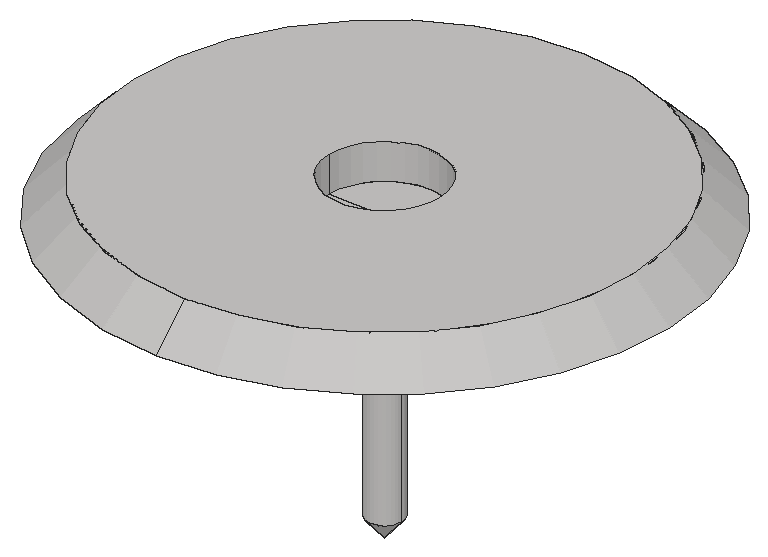
Revit family
Parameters (values of type "4710-04")
  Weight (lb) = 0.23
  Warranty = "1 year material and workmanship"  # constant formula
  Wall Offset = 0' - 0"
  URL = "http://www.jrsmith.com"
  Technical and Installation = "http://www.jrsmith.com/products/cleanout/tech_data_index.htm"
  SMARTBIM URL = "www.smartbim.com"
  SMARTBIM Object Version = 3  # constant formula
  SMARTBIM Object Created By = "SMARTBIM,LLC"  # constant formula
  SMARTBIM Contact = "mailto:smartbim@smartbim.com"
  Radius = Diameter / 2  # 0' - 2"
  Product URL = "http://www.jrsmith.com/products/cleanout/cleanouts_4710_4715.htm"
  OmniClass Title = "Facility Drainage Piping Cleanouts"  # constant formula
  OmniClass Code = "22-22 05 76"  # constant formula
  Model = "4710"  # constant formula
  Material Finish = Stainless Steel
  Material = Stainless Steel
  Manufacturer = "Jay R. Smith Mfg. Co. "  # constant formula
  Diameter = 0' - 4"
  Description = "Stainless steel shallow cover"  # constant formula
  Default Elevation = 4' - 0"
  Assembly Code = "D2030400"
  95 CSI = "15155"  # constant formula
  04 CSI = "22 05 76"  # constant formula
Types (5): name | Weight (lb) | Radius | Diameter
  4710-04 | 0.23 | 0' - 2" | 0' - 4"
  4710-05 | 0.37 | 0' - 2 1/2" | 0' - 5"
  4710-07 | 0.57 | 0' - 3 1/2" | 0' - 7"
  4710-09 | 0.97 | 0' - 4 1/2" | 0' - 9"
  4710-11 | 1.38 | 0' - 5 1/2" | 0' - 11"
Reference planes (in)
  plane 1 "Center (Front/Back)": y = 0
  plane 2: z = 0
  plane 3 "Center (Left/Right)": x = 0
  plane 4 "C top": x = -2
  plane 5: z = -12
  plane 6: z = 0
  plane 7: z = 0.25
  plane 8: x = 2
Forms (in)
  Revolve 1, solid, material "Stainless Steel" <- "Material Finish", detail levels fine
    sketch origin (2, 0, 1) x (1, 0, 0) y (0, 0, 1)
      loop
        line (-1.87789, -1.125) -> (-1.60987, -1.125) -> (-1.60987, -1) -> (-2, -1) -> (-2, -3.02282) -> (-1.87789, -2.87891) -> (-1.87789, -1.125)
      loop
        line (-0.9943, -1) -> (-1.16444, -1) -> (-1.16444, -1.125) -> (-0.9943, -1.125) -> (-0.9943, -1)
      axis (-2, -3.02282) -> (-2, -1)
    angle from 0 to 360
  Extrusion 2, solid, material "Stainless Steel" <- "Material Finish", detail levels fine
    sketch origin (0, 0, 0) x (1, 0, 0) y (0, 1, 0)
      loop
        circle (0, 0) r 2
    from 0 to 0.25
  Sweep 3, void, detail levels fine
    path origin (6.5, -180, 0) x (0, -1, 0) y (1, 0, 0)
      loop
        circle (-180, -6.5) r 2
    profile origin (-2, 0, 0) x (-1, 0, 0) y (0, 0, 1)
      loop
        line (0, 0) -> (0, 0.25) -> (-0.25, 0.25) -> (0, 0)
  Extrusion 4, void, detail levels medium+fine
    sketch origin (0, 0, 0) x (1, 0, 0) y (0, 1, 0)
      loop
        circle (0, 0) r 0.39013
    from 0 to 0.25
Cuts and joins
  Sweep 3, Extrusion 4 cuts Revolve 1
  Sweep 3, Extrusion 4 cuts Extrusion 2
Lines and regions (in)
  model lines, detail levels coarse+medium
    curve 1: line (0, 0, -2) -> (0, 0, 0)
    curve 2: line (-2, 0, 0) -> (2, 0, 0)
Dimensions and locks (in)
  locked: Revolve 1 sketch curve to Revolve 1 sketch curve at 0.14392
  "Wall Offset": plane 6 to plane 2
  locked: plane 6 to Revolve 1 sketch curve at 0.125
  plane 6 to Revolve 1 sketch curve = 0' - 0 1/8"
  locked: plane 7 to plane 6 at 0.25
  equal spacing: plane 4 "C top", plane 3 "Center (Left/Right)", plane 8
  "Diameter": plane 4 "C top" to plane 8
  locked: Revolve 1 sketch curve to plane 8 at 0.9943
  locked: Revolve 1 sketch curve to Revolve 1 sketch curve at 0.17014
  "Radius": radius of Extrusion 2 sketch curve
  "Radius": radius of Sweep 3 sketch curve
  aligned and locked: Revolve 1 sketch curve to Revolve 1 sketch curve
  aligned and locked: Revolve 1 sketch curve to plane 6
  aligned and locked: plane 1 "Center (Front/Back)" to Extrusion 2 sketch curve
  aligned and locked: plane 3 "Center (Left/Right)" to Extrusion 2 sketch curve
  aligned and locked: plane 6 to Extrusion 2
  aligned and locked: plane 7 to Extrusion 2
  aligned and locked: plane 3 "Center (Left/Right)" to Sweep 3 sketch curve
  aligned and locked: plane 1 "Center (Front/Back)" to Sweep 3 sketch curve
  aligned and locked: Sweep 3 sketch curve to Extrusion 2  (x4)
  aligned and locked: Extrusion 2 to Sweep 3 sketch curve
  aligned and locked: Extrusion 4 sketch curve to cut or joined group of Revolve 1, Sweep 3, Extrusion 4  (x2)
  aligned and locked: Extrusion 4 to plane 7
  aligned and locked: plane 6 to Extrusion 4
  aligned and locked: curve 2 to level
  aligned and locked: plane 3 "Center (Left/Right)" to curve 1
Automatic sketch dimensions
  Revolve 1 sketch curve to plane 3 "Center (Left/Right)" = 0' - 0"  (x2)
  Revolve 1 sketch curve to Revolve 1 sketch curve = 0' - 0.10218"
  Revolve 1 sketch curve to level = 0' - 0 7/8"
  Revolve 1 sketch curve to plane 6 = 0' - 0"
  plane 3 "Center (Left/Right)" to Revolve 1 sketch curve = 0' - 0.12211"
  Revolve 1 sketch curve to Revolve 1 sketch curve = 0' - 1 1/256"
  Sweep 3 sketch curve to Sweep 3 sketch curve = 0' - 0 1/4"
  Revolve 1 sketch curve to Revolve 1 sketch curve = 0' - 0.26801"
  curve 2 to plane 4 "C top" = 0' - 0"
  curve 2 to plane 8 = 0' - 0"
  curve 1 to curve 1 = 0' - 2"
